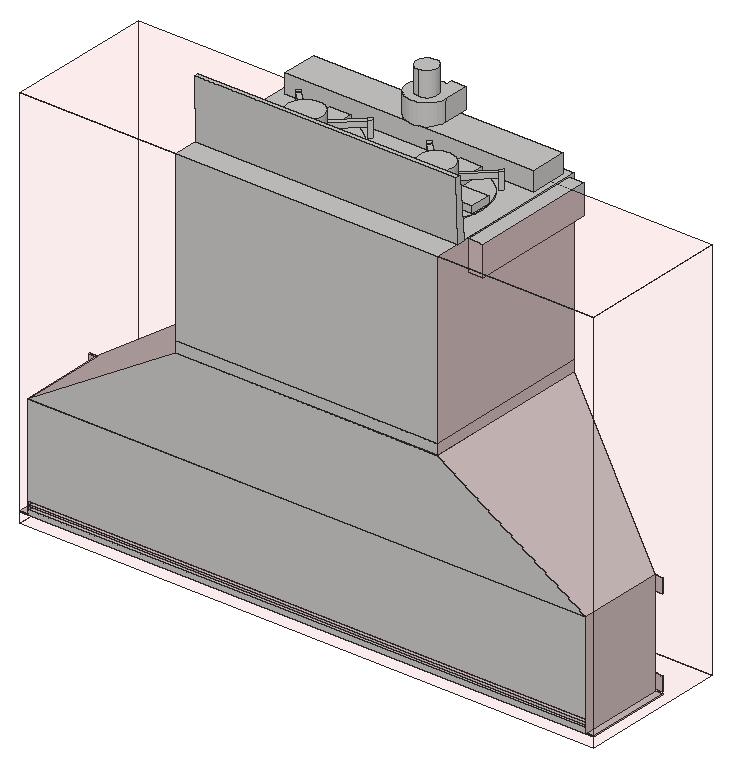
Revit family "Air-Curtain_Climate-Control_PoweredAire_TIG-1Heater", category Mechanical Equipment, host Face, Revit 2020
Family settings
  Host = Face
  Round Connector Dimension = Use Diameter
  Part Type = Normal
  OmniClass Number = 23.75.35.17.21
  OmniClass Title = Air Curtains
  Cut with Voids When Loaded = No
  Shared = No
  Room Calculation Point = No
Parameters (values of type "108'' Nozzle")
  upperrotation [instance] = 0.00°
  lowerrotation [instance] = 0.00°
  locateupperpipe [instance] = 0' - 0"
  locatelowerpipe [instance] = 0' - 0"
  Warranty Duration (Years) = 0
  Unit Width Notes = "Other Widths available."  # constant formula
  Unit Width = 9' - 3 5/32"
  Unit Weight = 640
  Unit Height = 1' - 4 3/4"
  Unit Depth = 1' - 8 1/4"
  URL = "http://www.poweredaire.com/"
  Test Data = ""
  Standards Conformance = "ETL  ;  Made in USA"
  Specification = "http://www.arcat.com/sdspecs/htm04/23_34_33pai.htm"
  SpecWizard = ""
  Sound Pressure = ">63 dBA"
  Sales Information = "http://www.poweredaire.com/contact_us"
  Revision = "R1_2016-08"
  Projection from Host [instance] = 0' - 2"
  Product Properties = ""
  Product Data = "http://www.arcat.com/arcatcos/cos47/arc47623.html"
  Power Rating = 0 W
  Piping_Water Flow [instance] = 0 GPM
  Piping_Operating Pressure [instance] = 0.00 psi
  Piping_Exit Temperature [instance] = 0 °F
  Piping_Entry Temperature [instance] = 0 °F
  Pipe OD [instance] = 5/8"
  Overall Depth = 6' - 0 3/4"
  Nozzle Width = if(1 = 1, Unit Width - 0' 3", 0' 0")  # 9' - 0 5/32"
  Mounting Width = if(1 = 1, Unit Width - 0' 1 1/2", 0' 0")  # 9' - 1 21/32"
  Mounting Height [instance] = 3' - 6"
  Motor RPM = 1630
  Motor HP = 0.75
  Motor Count = 3
  Model = "TIG-3-108"
  Max Height = 12' - 0"
  Manufacturer Website = "http://www.poweredaire.com/"
  Manufacturer Phone - Toll Free = "888-321-2473"
  Manufacturer Phone = "724-588-3305"
  Manufacturer Fax = "724-588-3371"
  Manufacturer Address = "109 Mortensen Rd.  Greenville, PA 16125"
  Manufacturer = "Powered Aire, Inc"
  Maintenance Schedule (Months) = 0
  Keynote = "23 34 33"
  Installation-Fabrication = ""
  Installation Phase = ""
  Include Clearance [instance] = yes
  Heating Element Load = 0 W
  Heater Weight = 0
  Heater Hanging Width = 4' - 0 5/8"
  Heater Finish [instance] = Metal - Steel - PoweredAire - Stainless 304
  HVAC_Temperature Rise = 34 °F
  HVAC_Primary CFM = 0 CFM
  HVAC_Outlet Volume = 7600 CFM
  HVAC_Outlet Velocity Uniformity = 0.92
  HVAC_Outlet Velocity = 3700 FPM
  HVAC_Exit Temperature [instance] = 0 °F
  HVAC_BTU Output = 280000.0 Btu/h
  HVAC_BTU Input = 105000.0 Btu/h
  Green Building-LEED = "http://www.arcat.com/green/clients/leed_data_47623.html"
  Gas Connection Diameter [instance] = 0"
  Frame Finish [instance] = Metal - Steel - PoweredAire - Stainless 304
  Expected Lifespan (Years) = 0
  Exhaust Connection Diameter = 0' - 6"
  Electrical_Wattage [instance] = Power Rating + Heating Element Load  # 0 W
  Electrical_Voltage [instance] = 0 V
  Electrical_Phase [instance] = 1
  Electrical_Frequency [instance] = 0 Hz
  Electrical_Amperage [instance] = 0 A
  Drawn By = "Sumex Design, Inc. / Robert S. Weygant, CSI, CDT, SCIP"
  Description = "Powered Aire Indirect Gas Heated Climate Control Air Curtain - TIG-3-108 as Specified"
  Default Elevation = 0' - 0"  # constant formula
  Copyright = "©Arcat Inc."
  Construction Details = "http://www.arcat.com/details/powair/prod3336.html"
  Clearance_Top [instance] = 1' - 0"
  Clearance_Side B [instance] = 0' - 0"
  Clearance_Side A [instance] = 0' - 0"
  Clearance_Intake [instance] = 0' - 0"
  Clearance_Bottom [instance] = 0' - 0"
  Clearance Material [instance] = ARCAT Clearance
  Building Codes = ""
  Available Options [instance] = "as Specified"
  Assembly Code = "D3090400"
Types (7): name | Unit Width | Unit Weight | Sound Pressure | Nozzle Width | Mounting Width | Motor Count | Model | Heater Hanging Width | HVAC_Temperature Rise | HVAC_Outlet Volume | HVAC_Outlet Velocity Uniformity | HVAC_Outlet Velocity | HVAC_BTU Output | HVAC_BTU Input | Exhaust Connection Diameter | Description
  108'' Nozzle | 9' - 3 5/32" | 640 | ">63 dBA" | 9' - 0 5/32" | 9' - 1 21/32" | 3 | "TIG-3-108" | 4' - 0 5/8" | 34 °F | 7600 CFM | 0.92 | 3700 FPM | 280000.0 Btu/h | 105000.0 Btu/h | 0' - 6" | "Powered Aire Indirect Gas Heated Climate Control Air Curtain - TIG-3-108 as Specified"
  96'' Nozzle | 8' - 3 1/16" | 570 | ">63 dBA" | 8' - 0 1/16" | 8' - 1 9/16" | 2 | "TIG-2-96" | 2' - 6 5/8" | 36 °F | 5100 CFM | 0.92 | 2800 FPM | 200000.0 Btu/h | 50000.0 Btu/h | 0' - 5" | "Powered Aire Indirect Gas Heated Climate Control Air Curtain - TIG-2-96 as Specified"
  84'' Nozzle | 7' - 3 1/16" | 530 | ">63 dBA" | 7' - 0 1/16" | 7' - 1 9/16" | 2 | "TIG-2-84" | 2' - 6 5/8" | 37 °F | 5100 CFM | 0.93 | 3200 FPM | 200000.0 Btu/h | 50000.0 Btu/h | 0' - 5" | "Powered Aire Indirect Gas Heated Climate Control Air Curtain - TIG-2-84 as Specified"
  72'' Nozzle | 6' - 3 1/16" | 500 | ">63 dBA" | 6' - 0 1/16" | 6' - 1 9/16" | 2 | "TIG-2-72" | 2' - 6 5/8" | 36 °F | 5100 CFM | 0.95 | 3700 FPM | 200000.0 Btu/h | 50000.0 Btu/h | 0' - 5" | "Powered Aire Indirect Gas Heated Climate Control Air Curtain - TIG-2-72 as Specified"
  60'' Nozzle | 5' - 3" | 340 | "63 dBA" | 5' - 0" | 5' - 1 1/2" | 1 | "TIG-1-60" | 1' - 6 5/8" | 44 °F | 2500 CFM | 0.91 | 2200 FPM | 120000.0 Btu/h | 150000.0 Btu/h | 0' - 5" | "Powered Aire Indirect Gas Heated Climate Control Air Curtain - TIG-1-60 as Specified"
  48'' Nozzle | 4' - 3" | 280 | "63 dBA" | 4' - 0" | 4' - 1 1/2" | 1 | "TIG-1-48" | 1' - 6 5/8" | 43 °F | 2600 CFM | 0.92 | 2800 FPM | 120000.0 Btu/h | 150000.0 Btu/h | 0' - 5" | "Powered Aire Indirect Gas Heated Climate Control Air Curtain - TIG-1-48 as Specified"
  36'' Nozzle | 3' - 3" | 250 | "63 dBA" | 3' - 0" | 3' - 1 1/2" | 1 | "TIG-1-36" | 1' - 6 5/8" | 44 °F | 2500 CFM | 0.95 | 3700 FPM | 120000.0 Btu/h | 150000.0 Btu/h | 0' - 5" | "Powered Aire Indirect Gas Heated Climate Control Air Curtain - TIG-1-36 as Specified"
Reference planes (in)
  plane 1 "Center (Elevation)": y = 0.13818
  plane 2: z = 0
  plane 3 "Center (Left/Right)": x = 0
  plane 4 "Top": y = 8.51318
  plane 5: y = -8.23682
  plane 6: x = -55.57812
  plane 7: x = 55.57813
  plane 8 "Front": z = 22.25
  plane 9 "FF": y = -41.86182
  plane 10: z = 2
  plane 11: x = 54.07813
  plane 12: x = -54.07812
  plane 13: y = 20.51318
  plane 14: y = -8.23682
  plane 15: x = -55.57812
  plane 16: x = 55.57813
  plane 17: z = 74.75
  plane 18: x = 54.01563
  plane 19: x = -54.01562
  plane 20: x = 54.07813
  plane 21: x = 54.07813
  plane 22: y = 6.01318
  plane 23: y = -5.73682
  plane 24: x = -24.3125
  plane 25: x = 24.3125
  plane 26: x = -25.375
  plane 27: x = 25.375
  plane 28: z = 74.75
  plane 29: z = 42.25
  plane 30: z = 40.25
Forms (in)
  Extrusion 1, solid, material "Metal - Steel - PoweredAire - Stainless 304" <- "Frame Finish"
    sketch origin (0, 0, 0) x (0, 1, 0) y (0, 0, 1)
      loop
        line (-8.23682, 2) -> (8.51318, 2) -> (8.51318, 22.25) -> (-8.23682, 22.25) -> (-8.23682, 2)
    from -54.07812 to 54.07812
  Extrusion 2, solid, material "ARCAT Clearance" <- "Clearance Material", visible <- "Include Clearance"
    sketch origin (0, 0, 0) x (0, 1, 0) y (0, 0, 1)
      loop
        line (-8.23682, 74.75) -> (-8.23682, 0) -> (20.51318, 0) -> (20.51318, 74.75) -> (-8.23682, 74.75)
    from -55.57812 to 55.57812
  Extrusion 3, solid, material "Metal - Steel - PoweredAire - Stainless 304" <- "Frame Finish"
    sketch origin (-15.17702, -180, 2) x (-1, 0, 0) y (0, -1, 0)
      loop
        line (-69.25515, -188.51318) -> (-69.25515, -171.76318) -> (-70.75515, -171.76318) -> (-70.75515, -188.51318) -> (-69.25515, -188.51318)
      loop
        line (38.9011, -188.51318) -> (40.4011, -188.51318) -> (40.4011, -171.76318) -> (38.9011, -171.76318) -> (38.9011, -188.51318)
    from 0 to 0.125
  Extrusion 4, solid, material "Metal - Steel - PoweredAire - Stainless 304" <- "Frame Finish"
    sketch origin (-11.83813, 8.51318, 48) x (-1, 0, 0) y (0, 0, 1)
      loop
        line (-65.91625, -45.5) -> (-65.91625, -42.75) -> (-67.41625, -42.75) -> (-67.41625, -45.5) -> (-65.91625, -45.5)
      loop
        line (-65.91625, -28.5) -> (-65.91625, -25.75) -> (-67.41625, -25.75) -> (-67.41625, -28.5) -> (-65.91625, -28.5)
      loop
        line (42.24, -45.5) -> (43.74, -45.5) -> (43.74, -42.75) -> (42.24, -42.75) -> (42.24, -45.5)
      loop
        line (42.24, -28.5) -> (43.74, -28.5) -> (43.74, -25.75) -> (42.24, -25.75) -> (42.24, -28.5)
    from 0 to -0.125
  Extrusion 5, void
    sketch origin (0, 0, 0) x (0, 1, 0) y (0, 0, 1)
      loop
        line (-8.23682, 3) -> (-7.23682, 3) -> (-7.23682, 4.5) -> (-8.23682, 4.5) -> (-8.23682, 3.82425) -> (-7.38364, 3.82425) -> (-7.38364, 3.57425) -> (-8.23682, 3.57425) -> (-8.23682, 3)
    from -54.01562 to 54.01562
  Blend 6, solid, material "Metal - Steel - PoweredAire - Stainless 304" <- "Frame Finish"
    base sketch origin (-15.17702, -180, 22.25) x (-1, 0, 0) y (0, -1, 0)
      loop
        line (38.9011, -188.51318) -> (38.9011, -171.76318) -> (-69.25515, -171.76318) -> (-69.25515, -188.51318) -> (38.9011, -188.51318)
    top sketch origin (-15.17702, -180, 22.25) x (-1, 0, 0) y (0, -1, 0)
      loop
        line (10.19798, -171.76318) -> (-40.55202, -171.76318) -> (-40.55202, -204.76318) -> (10.19798, -204.76318) -> (10.19798, -171.76318)
    from 0 to 18
Cuts and joins
  Extrusion 5 cuts Extrusion 1
Dimensions and locks (in)
  equal spacing: plane 4 "Top", plane 1 "Center (Elevation)", plane 5
  "Unit Height": plane 4 "Top" to plane 5
  equal spacing: plane 6, plane 3 "Center (Left/Right)", plane 7
  "Unit Width": plane 6 to plane 7
  "Mounting Height": plane 1 "Center (Elevation)" to plane 9 "FF"
  "Projection from Host": plane 10 to level
  "Unit Depth": plane 8 "Front" to plane 10
  locked: plane 6 to plane 12 at 1.5
  locked: plane 11 to plane 7 at 1.5
  "Clearance_Side A": plane 7 to plane 16
  "Clearance_Side B": plane 15 to plane 6
  "Clearance_Top": plane 13 to plane 4 "Top"
  "Clearance_Bottom": plane 5 to plane 14
  "Clearance_Intake": plane 17 to plane 28
  Extrusion 5 sketch curve to Extrusion 5 sketch curve to Extrusion 5 sketch curve to Extrusion 5 sketch curve to plane 10 = 0' - 0.67575" locked, 0' - 0 1/4" locked, 0' - 0.57425" locked, 0' - 1" locked
  plane 5 to Extrusion 5 sketch curve to Extrusion 5 sketch curve = 0' - 0.85319" locked, 0' - 0.14681" locked
  locked: plane 19 to plane 12 at 0.0625
  locked: plane 11 to plane 18 at 0.0625
  "locateupperpipe": plane 20 to plane 11
  "locatelowerpipe": plane 21 to plane 11
  locked: plane 4 "Top" to plane 22 at 2.5
  locked: plane 23 to plane 5 at 2.5
  equal spacing: plane 24, plane 3 "Center (Left/Right)", plane 25
  "Heater Hanging Width": plane 24 to plane 25
  locked: plane 25 to plane 27 at 1.0625
  locked: plane 26 to plane 24 at 1.0625
  "Overall Depth": plane 28 to plane 10
  locked: plane 29 to plane 30 at 2
  locked: plane 28 to plane 29 at 32.5
  locked: Blend 6 sketch curve to plane 5 at 33
  Extrusion 4 sketch curve to Extrusion 4 sketch curve to plane 10 = 0' - 2 3/4" locked, 0' - 0 1/2" locked  (x2)
  plane 8 "Front" to Extrusion 4 sketch curve to Extrusion 4 sketch curve = 0' - 0" locked, 0' - 2 3/4" locked  (x2)
  aligned and locked: plane 2 to host face
  aligned and locked: level to host face
  aligned and locked: Extrusion 2 sketch curve to plane 17
  aligned and locked: plane 14 to Extrusion 2 sketch curve
  aligned and locked: level to Extrusion 2 sketch curve
  aligned and locked: Extrusion 2 sketch curve to plane 13
  aligned and locked: plane 16 to Extrusion 2
  aligned and locked: Extrusion 2 to plane 15
  aligned and locked: plane 11 to Extrusion 1
  aligned and locked: Extrusion 1 to plane 12
  aligned and locked: Extrusion 1 sketch curve to plane 8 "Front"
  aligned and locked: plane 28 to nested 1
  aligned and locked: Blend 6 sketch curve to plane 5  (x2)
  aligned and locked: plane 12 to Blend 6 sketch curve
  aligned and locked: Blend 6 sketch curve to plane 11
  aligned and locked: Blend 6 sketch curve to plane 4 "Top"
  aligned and locked: Blend 6 sketch curve to plane 26
  aligned and locked: plane 27 to Blend 6 sketch curve
  aligned and locked: plane 30 to Blend 6
  aligned and locked: plane 3 "Center (Left/Right)" to nested 1
  aligned and locked: plane 18 to cut or joined group of Extrusion 1, Extrusion 5
  aligned and locked: cut or joined group of Extrusion 1, Extrusion 5 to plane 19
Automatic sketch dimensions
  host sketch curve to host sketch curve = 8' - 0"  (x2)
  plane 4 "Top" to Extrusion 3 sketch curve = 0' - 0"
  Extrusion 3 sketch curve to plane 7 = 0' - 0"
  plane 5 to Extrusion 3 sketch curve = 0' - 0"
  Extrusion 3 sketch curve to plane 11 = 0' - 0"
  Extrusion 3 sketch curve to plane 4 "Top" = 0' - 0"
  Extrusion 3 sketch curve to plane 12 = 0' - 0"
  Extrusion 3 sketch curve to plane 6 = 0' - 0"
  Extrusion 3 sketch curve to plane 5 = 0' - 0"
  Extrusion 4 sketch curve to plane 7 = 0' - 0"  (x2)
  Extrusion 4 sketch curve to plane 11 = 0' - 0"  (x2)
  Extrusion 4 sketch curve to plane 12 = 0' - 0"  (x2)
  Extrusion 4 sketch curve to plane 6 = 0' - 0"  (x2)
  Extrusion 5 sketch curve to plane 5 = 0' - 0"  (x2)
  Extrusion 1 sketch curve to plane 5 = 0' - 0"
  Extrusion 1 sketch curve to plane 4 "Top" = 0' - 0"
  Extrusion 1 sketch curve to plane 10 = 0' - 0"
Nested families (in)
  nested 1: "Heater" at (0, -8.23682, 42.2987) x (1, 0, 0) z (0, 1, 0), finish <- "Heater Finish", burner width <- "Heater Hanging Width", type "Heater"
    with finish Metal - Steel - PoweredAire - Stainless 304, burner width 4' - 0 5/8", Two Fan yes, One Fan no
Connectors (in)
  electrical at (-54.07812, 0.13818, 12.125), driven by "Electrical_Voltage", driven by "Electrical_Phase"
    settings: on cut or joined group of Extrusion 1, Extrusion 5, index 3, voltage 0 V, apparent load 0 VA, apparent load phase1 0 VA, apparent load phase2 0 VA, apparent load phase3 0 VA, power factor 1, load classification "Motor", number of poles 1, system type 31, power factor state 1, is connector primary yes, connector utility no, sub classification motor no, connector description ""
  hvac at (3, 24.76318, 80.40625), driven by "Exhaust Connection Diameter", driven by "HVAC_Primary CFM"
    settings: on nested 1, index 4, duct flow 0 CFM, flow factor 0, pres drop 0.00 in-wg, loss coef 0, conn angle 0.00°, conn width 12", conn height 12", conn diameter 6", duct sys type 3, conn prof type 0, flow config 0, flow direction 2, loss method 0, conn ref index -1, conn util no, is conn primary yes, conn desc ""
Definition of nested family "Heater"
  Parameters
    finish [instance] = none
    burner width [instance] = 4' - 0 5/8"
    burner depth = 3' - 8 3/4"
    Two Fan [instance] = burner width > 4' 0"  # yes
    One Fan [instance] = burner width < 4' 0"  # no
    Default Elevation = 0' - 0"  # constant formula
  Reference planes (in)
    plane 1 "Center (Front/Back)": y = 0
    plane 2: z = 0
    plane 3 "Center (Left/Right)": x = 0
    plane 4: x = -25.375
    plane 5: x = 25.375
    plane 6: z = 33
    plane 7: y = -44.75
    plane 8: x = 3
    plane 9: x = 4.375
    plane 10: x = -12.6875
    plane 11: x = 12.6875
    plane 12: z = 15.5
    plane 13: x = -24.3125
    plane 14: x = 24.3125
  Forms (in)
    Extrusion 1, solid, material <- "finish"
      sketch origin (-74.94554, -3, 38.65968) x (0, 0, 1) y (1, 0, 0)
        loop
          line (-5.65968, 49.57054) -> (-5.65968, 100.32054) -> (-38.65968, 100.32054) -> (-38.65968, 49.57054) -> (-5.65968, 49.57054)
      from 3 to -29.4513
    Extrusion 2, solid, material <- "finish"
      sketch origin (0, 0, 0) x (0, 1, 0) y (0, 0, 1)
        loop
          line (2, 0) -> (2, 33) -> (0, 33) -> (0, 0) -> (2, 0)
      from -25.375 to 25.375
    Extrusion 3, solid, material <- "finish"
      sketch origin (-74.94554, -32.4513, 38.65968) x (0, 0, 1) y (1, 0, 0)
        loop
          line (-6.91591, 50.82971) -> (-6.91591, 99.10844) -> (-13.91591, 99.10844) -> (-13.91591, 50.82971) -> (-6.91591, 50.82971)
      from 0 to -3.625
    Extrusion 4, solid, material <- "finish"
      sketch origin (-74.94554, -36.0763, 38.65968) x (0, 0, 1) y (1, 0, 0)
        loop
          arc (-10.4052, 79.32054) -> (-12.67312, 72.60509) -> (-6.79809, 76.57054) r 3.74068
          line (-6.79809, 76.57054) -> (-5.65968, 76.57054) -> (-5.65968, 79.32054) -> (-10.4052, 79.32054)
      from 0 to -4.0625
    Extrusion 5, solid, material <- "finish"
      sketch origin (-73.58006, -40.1388, 35.52564) x (0, 0, -1) y (1, 0, 0)
        loop
          circle (7.27116, 74.21438) r 2
      from 4.6112 to 0
    Extrusion 6, solid, material <- "finish"
      sketch origin (0, 0, 0) x (1, 0, 0) y (0, 1, 0)
        loop
          line (28.3125, -32.4513) -> (28.3125, -26.7013) -> (25.3125, -26.7013) -> (25.3125, -32.4513) -> (28.3125, -32.4513)
      from 7.25 to 31.75
    Extrusion 7, solid, material <- "finish", visible <- "Two Fan"
      sketch origin (0, 0, 0) x (0, 1, 0) y (0, 0, 1)
        loop
          line (-32.4513, 6.22268) -> (-44.15658, 5.1986) -> (-44.15658, 4.4486) -> (-32.4513, 4.85736) -> (-32.4513, 6.22268)
      from -25.375 to 25.375
  Dimensions and locks (in)
    locked: Extrusion 4 sketch curve to Extrusion 4 sketch curve at 2.75
    "burner width": plane 13 to plane 14
    locked: plane 6 to level at 33
    "burner depth": plane 7 to plane 1 "Center (Front/Back)"
    locked: plane 8 to plane 9 at 1.375
    Extrusion 4 sketch curve to Extrusion 4 sketch curve to plane 8 = 0' - 0.99068" locked, 0' - 1 3/8" locked
    locked: Extrusion 5 sketch curve to plane 8 at 2.36568
    locked: plane 8 to plane 3 "Center (Left/Right)" at 3
    Extrusion 6 sketch curve to plane 5 to Extrusion 6 sketch curve = 0' - 0 1/16" locked, 0' - 2 15/16" locked
    equal spacing: plane 5, plane 11, plane 3 "Center (Left/Right)", plane 10, plane 4
    locked: plane 4 to plane 13 at 1.0625
    locked: plane 14 to plane 5 at 1.0625
    aligned and locked: plane 2 to level
    aligned: Extrusion 4 to Extrusion 5
    aligned: Extrusion 3 to Extrusion 2  (x2)
    aligned and locked: plane 7 to Extrusion 5
    aligned and locked: plane 4 to Extrusion 1 sketch curve
    aligned and locked: Extrusion 1 sketch curve to plane 5
    aligned and locked: Extrusion 7 to plane 4
    aligned and locked: plane 5 to Extrusion 7
    aligned and locked: plane 12 to nested 1
    aligned and locked: plane 3 "Center (Left/Right)" to nested 1
    aligned and locked: plane 12 to nested 3
    aligned and locked: plane 11 to nested 3
    aligned and locked: plane 10 to nested 2
    aligned and locked: plane 12 to nested 2
    aligned and locked: plane 5 to Extrusion 2
    aligned and locked: Extrusion 2 to plane 4
  Automatic sketch dimensions
    Extrusion 1 to Extrusion 3 sketch curve = 0' - 1.25917"
    Extrusion 1 to Extrusion 3 sketch curve = 0' - 8.25624"
    Extrusion 1 to Extrusion 3 sketch curve = 0' - 1.2121"
    Extrusion 1 to Extrusion 3 sketch curve = 0' - 1.25624"
    Extrusion 4 sketch curve to Extrusion 3 = 0' - 0.11782"
    Extrusion 4 sketch curve to Extrusion 3 = 0' - 1.25624"
    Extrusion 5 sketch curve to Extrusion 4 = 0' - 4.74552"
    Extrusion 1 sketch curve to level = 0' - 0"
    Extrusion 1 sketch curve to plane 6 = 0' - 0"
    Extrusion 2 sketch curve to level = 0' - 0"
    Extrusion 2 sketch curve to plane 1 "Center (Front/Back)" = 0' - 0"
    Extrusion 2 sketch curve to plane 6 = 0' - 0"
    Extrusion 2 sketch curve to Extrusion 2 sketch curve = 0' - 2"
    Extrusion 6 sketch curve to plane 7 = 1' - 0.2987"
    Extrusion 6 sketch curve to Extrusion 6 sketch curve = 0' - 5 3/4"
    Extrusion 7 sketch curve to plane 7 = 0' - 0.59342"
    level to Extrusion 7 sketch curve = 0' - 4.4486"
    Extrusion 7 sketch curve to Extrusion 7 sketch curve = 0' - 0 3/4"
    level to Extrusion 7 sketch curve = 0' - 4.85736"
    Extrusion 7 sketch curve to Extrusion 7 sketch curve = 0' - 11.70529"
    Extrusion 7 sketch curve to Extrusion 7 sketch curve = 0' - 1.36532"
    radius of Extrusion 5 sketch curve = 0' - 2"
  Nested families (in)
    nested 1: "FanControls" at (0, -32.4513, 15.5) x (1, 0, 0) z (0, -1, 0), finish <- "finish", visible <- "One Fan", type "FanControls"
      with finish none
    nested 2: "FanControls" at (-12.6875, -32.4513, 15.5) x (1, 0, 0) z (0, -1, 0), finish <- "finish", visible <- "Two Fan", type "FanControls"
      with finish none
    nested 3: "FanControls" at (12.6875, -32.4513, 15.5) x (1, 0, 0) z (0, -1, 0), finish <- "finish", visible <- "Two Fan", type "FanControls"
      with finish none
  Definition of nested family "FanControls"
    Parameters
      finish [instance] = none
      Default Elevation = 4' - 0"
    Reference planes (in)
      plane 1 "Center (Front/Back)": y = 0
      plane 2: z = 0
      plane 3 "Center (Left/Right)": x = 0
    Forms (in)
      Extrusion 1, solid, material <- "finish"
        sketch origin (-75.00804, 32.07233, 0) x (1, 0, 0) y (0, -1, 0)
          loop
            circle (75.00804, 32.07233) r 3.25
        from -5.33075 to 0
      Extrusion 2, solid, material <- "finish"
        sketch origin (24.44581, -78.06044, 0) x (1, 0, 0) y (0, -1, 0)
          loop
            line (-22.50831, -86.58776) -> (-22.50831, -81.58776) -> (-26.50831, -81.58776) -> (-26.50831, -86.58776) -> (-22.50831, -86.58776)
          loop
            line (-22.50831, -69.53312) -> (-26.50831, -69.53312) -> (-26.50831, -74.53312) -> (-22.50831, -74.53312) -> (-22.50831, -69.53312)
          loop
            line (-15.98099, -76.06044) -> (-20.98099, -76.06044) -> (-20.98099, -80.06044) -> (-15.98099, -80.06044) -> (-15.98099, -76.06044)
          loop
            line (-33.03563, -76.06044) -> (-33.03563, -80.06044) -> (-28.03563, -80.06044) -> (-28.03563, -76.06044) -> (-33.03563, -76.06044)
        from 0 to -1.37288
      Extrusion 3, solid, material <- "finish"
        sketch origin (-75.00804, 21.40968, 0) x (1, 0, 0) y (0, -1, 0)
          loop
            line (68.02536, 14.95733) -> (68.55569, 14.427) -> (75.00804, 20.87935) -> (81.46039, 14.427) -> (81.99072, 14.95733) -> (75.53837, 21.40968) -> (81.99072, 27.86203) -> (81.46039, 28.39236) -> (75.00804, 21.94001) -> (68.55569, 28.39236) -> (68.02536, 27.86203) -> (74.47771, 21.40968) -> (68.02536, 14.95733)
        from -3.1123 to -2
      Extrusion 4, solid, material <- "finish"
        sketch origin (-75.00804, 21.40968, 0) x (1, 0, 0) y (0, -1, 0)
          loop
            line (68.02536, 13.89667) -> (68.55569, 14.427) -> (68.02536, 14.95733) -> (67.49503, 14.427) -> (68.02536, 13.89667)
          loop
            line (82.52105, 14.427) -> (81.99072, 14.95733) -> (81.46039, 14.427) -> (81.99072, 13.89667) -> (82.52105, 14.427)
          loop
            line (81.99072, 28.92269) -> (81.46039, 28.39236) -> (81.99072, 27.86203) -> (82.52105, 28.39236) -> (81.99072, 28.92269)
          loop
            line (67.49503, 28.39236) -> (68.02536, 27.86203) -> (68.55569, 28.39236) -> (68.02536, 28.92269) -> (67.49503, 28.39236)
        from 0 to -3.1123
      Extrusion 5, solid, material <- "finish"
        sketch origin (0, 0, 0) x (1, 0, 0) y (0, 1, 0)
          loop
            circle (0, 0) r 9
        from 0 to 0.14961
    Dimensions and locks (in)
      Extrusion 4 sketch curve to Extrusion 4 sketch curve to Extrusion 4 sketch curve to Extrusion 4 sketch curve = 0' - 0.53033" locked, 0' - 0" locked, 0' - 0.53033" locked  (x4)
      Extrusion 3 sketch curve to Extrusion 3 sketch curve to Extrusion 3 sketch curve to Extrusion 3 sketch curve to Extrusion 3 sketch curve = 0' - 5.92202" locked, 0' - 0" locked, 0' - 0.53033" locked, 0' - 0" locked
      Extrusion 3 sketch curve to Extrusion 3 sketch curve to Extrusion 3 sketch curve to Extrusion 3 sketch curve to Extrusion 3 sketch curve = 0' - 0" locked, 0' - 0.53033" locked, 0' - 0" locked, 0' - 5.92202" locked
      locked: Extrusion 2 sketch curve to Extrusion 2 sketch curve at 5  (x2)
      aligned and locked: plane 2 to level
